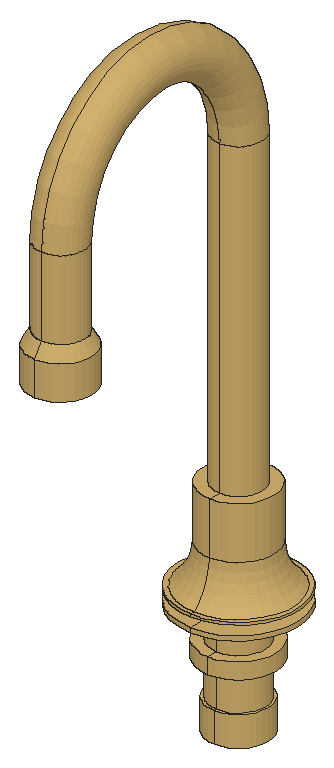
Revit family "QF_FISHER_1937", category Specialty Equipment, Revit 2015
Parameters
  Weight in Pounds = 3
  URL Cutsheet = ""
  Specification by User = ""
  Specification by Manufacturer = ""
  Serial Number = ""
  Seismic Rating = ""
  SMACNA No = ""
  Revision Code = ""
  Plumbing Remarks = ""
  Plumbing Connection Type = ""
  NAFEM Spec ID Number = ""
  Model = "1937"
  Masterspec = ""
  Manufacturer = "FISHER"
  Length = 12"
  Item Number = ""
  Installed By = ""
  Identify Quantity as Lot = yes
  Hot Water Temperature = 140 °F
  Hot Water Size = 1/2"
  Hot Water RI Height = 0"
  Hot Water Minimum Pressure = 0.00 psi
  Hot Water Maximum Pressure = 200.00 psi
  Hot Water Flow = 2.2 GPM
  Hot Water Consumption = 0 GPM
  Hot Water Connection Height = 0"
  Height = 8 1/16"
  Furnished By = ""
  Foodservice Equipment Identifier = yes
  Fixture Finish [instance] = QF_Metal - Brass - Polished
  Description = "FAUCET BD 06RGN"
  Depth = 1 7/8"
  Cold Water Temperature Recommended = 40 °F
  Cold Water Size = 1/2"
  Cold Water RI Height = 0"
  Cold Water Minimum Pressure = 0.00 psi
  Cold Water Maximum Pressure = 200.00 psi
  Cold Water Flow = 2.2 GPM
  Cold Water Consumption = ""
  Cold Water Connection Height = 0"
  CSI MasterFormat = ""
  C = 5 1/2"
  A = 8 3/16"
Reference planes (in)
  plane 1 "BACK": y = 0
  plane 2: z = 0
  plane 3 "LEFT": x = 0
  plane 4 "RIGHT": x = 12
  plane 5 "FRONT": y = -1.875
  plane 6 "TOP": z = 8.0625
  plane 7 "Center Y": x = 6
  plane 8 "Center X": y = -0.9375
  plane 9: y = -4.4375
  plane 10: z = 4.4375
Forms (in)
  Revolve 1, solid, material "QF_Metal - Brass - Polished" <- "Fixture Finish"
    sketch origin (6, 5.0625, 0) x (0, -1, 0) y (0, 0, 1)
      loop
        line (6, 0) -> (6, 1.5) -> (5.43487, 1.5) -> (5.43487, 0.67488)
        arc (5.43487, 0.67488) -> (5.35614, 0.32245) -> (5.13492, 0.03702) r 0.82821
        line (5.13492, 0.03702) -> (5.0625, 0.03702) -> (5.0625, 0) -> (6, 0)
      axis (6, 1.5) -> (6, 0)
    angle from 0 to 360
  Sweep 2, solid, material "QF_Metal - Brass - Polished" <- "Fixture Finish"
    path origin (6, 5.0625, -0.18923) x (0, -1, 0) y (0, 0, 1)
      loop
        line (6, 1.68923) -> (6, 6.62258)
        arc (6, 6.62258) -> (7.75, 8.37258) -> (9.5, 6.62258) r 1.75
        line (9.5, 6.62258) -> (9.5, 4.87673)
    profile origin (6, -0.9375, 3.96667) x (0, 1, 0) y (-1, 0, 0)
      loop
        circle (0, 0) r 0.375
  Revolve 3, solid, material "QF_Metal - Brass - Polished" <- "Fixture Finish"
    sketch origin (6, 5.0625, 0.75) x (0, -1, 0) y (0, 0, 1)
      loop
        line (9.5, 4.4375) -> (9.125, 4.4375) -> (9, 4.22099) -> (9, 3.6875) -> (9.5, 3.6875) -> (9.5, 4.4375)
      axis (9.5, 4.4375) -> (9.5, 3.6875)
    angle from 0 to 360
  Revolve 4, solid, material "QF_Metal - Brass - Polished" <- "Fixture Finish"
    sketch origin (6, 6.90541, 48) x (0, 1, 0) y (0, 0, 1)
      loop
        line (-7.84291, -48) -> (-7.84291, -50) -> (-7.36981, -50) -> (-7.36981, -49.52524) -> (-7.4131, -49.52524) -> (-7.4131, -48.96274) -> (-7.24572, -48.96274) -> (-7.24572, -48.71274) -> (-7.4131, -48.71274) -> (-7.4131, -48.27524) -> (-6.90541, -48.22188) -> (-6.90541, -48.15268) -> (-7.4131, -48.15268) -> (-7.4131, -48) -> (-7.84291, -48)
      axis (-7.84291, -50) -> (-7.84291, -48)
    angle from 0 to 360
Lines and regions (in)
  symbolic lines
    curve 1: arc (6.375, -1.33219, 0) -> (6, -0.39307, 0) -> (5.625, -1.33219, 0) r 0.54443
    curve 2: line (6.47149, -0.66529, 0) -> (6, -0.39307, 0)
    curve 3: line (6.47149, -1.20971, 0) -> (6.47149, -0.66529, 0)
    curve 4: line (6.47149, -1.20971, 0) -> (6.375, -1.26542, 0)
    curve 5: line (6, -0.39307, 0) -> (5.52851, -0.66529, 0)
    curve 6: line (5.52851, -0.66529, 0) -> (5.52851, -1.20971, 0)
    curve 7: line (5.52851, -1.20971, 0) -> (5.625, -1.26542, 0)
    curve 8: line (5.625, -0.9375, 0) -> (5.625, -4.43731, 0)
    curve 9: line (6.375, -0.9375, 0) -> (6.375, -4.43731, 0)
    curve 10: arc (5.625, -0.9375, 0) -> (6, -0.5625, 0) -> (6.375, -0.9375, 0) r 0.375
    curve 11: arc (6.375, -4.43731, 0) -> (6, -4.81231, 0) -> (5.625, -4.43731, 0) r 0.375
    curve 12: arc (6.375, -4.1057, 0) -> (6, -4.9375, 0) -> (5.625, -4.1057, 0) r 0.50043
    curve 13: arc (5.625, -1.79673, 0) -> (5.08228, -0.74596, 0) -> (6, 0, 0) r 0.9375
    curve 14: arc (6, 0, 0) -> (6.91772, -0.74596, 0) -> (6.375, -1.79673, 0) r 0.9375
    curve 15: arc (6.375, -1.71707, 0) -> (6.84343, -0.74519, 0) -> (6, -0.07242, 0) r 0.86508
    curve 16: arc (6, -0.07242, 0) -> (5.15657, -0.74519, 0) -> (5.625, -1.71707, 0) r 0.86508
Dimensions and locks (in)
  equal spacing: plane 3 "LEFT", plane 7 "Center Y", plane 4 "RIGHT"
  "Length": plane 3 "LEFT" to plane 4 "RIGHT"
  equal spacing: plane 5 "FRONT", plane 8 "Center X", plane 1 "BACK"
  "Depth": plane 5 "FRONT" to plane 1 "BACK"
  "Height": plane 6 "TOP" to level
  plane 8 "Center X" to plane 9 = 3 1/2"
  plane 6 "TOP" to plane 2 = 8 1/16"
  plane 10 to plane 2 = 4 7/16"
  plane 9 to plane 8 "Center X" = 3 1/2"
  aligned and locked: level to plane 2
Automatic sketch dimensions
  profile plane to Sweep 2 sketch curve = 0"
  Sweep 2 sketch curve to profile plane = 0"
  Revolve 3 sketch curve to plane 9 = 0"  (x2)
  Revolve 3 sketch curve to Revolve 3 sketch curve = 3/8"
  Revolve 3 sketch curve to Revolve 3 sketch curve = 1/2"
  Revolve 3 sketch curve to Revolve 3 sketch curve = 0.53349"
  Revolve 3 sketch curve to Revolve 3 sketch curve = 0.21651"
  Revolve 3 sketch curve to Revolve 3 sketch curve = 0"
  Revolve 3 sketch curve to plane 6 "TOP" = 3 5/8"
  Revolve 3 sketch curve to Revolve 3 sketch curve = 0.85803"
  curve 1 to curve 10 = 0"  (x2)
  curve 10 to plane 8 "Center X" = 0"
  curve 5 to plane 7 "Center Y" = 0"
  curve 12 to plane 7 "Center Y" = 0"
  curve 11 to plane 7 "Center Y" = 0"
  curve 2 to plane 7 "Center Y" = 0"
  curve 12 to plane 9 = 0.00043"
  curve 11 to curve 12 = 0.00025"
  curve 6 to curve 10 = 0.09649"
  curve 5 to curve 6 = 0"
  curve 9 to curve 3 = 0.09649"
  curve 2 to curve 3 = 0"
  curve 4 to curve 3 = 0"
  curve 7 to curve 6 = 0"
  curve 7 to curve 6 = 0.05571"
  curve 4 to curve 3 = 0.05571"
  curve 1 to curve 7 = 0.06676"
  curve 11 to curve 12 = 0.33162"
  Revolve 1 sketch curve to plane 1 "BACK" = 0"
  Revolve 1 sketch curve to level = 0"
  Revolve 1 sketch curve to plane 8 "Center X" = 0"  (x2)
  Revolve 1 sketch curve to plane 1 "BACK" = 0.45584"
  level to Revolve 1 sketch curve = 0.67488"
  Revolve 1 sketch curve to Revolve 1 sketch curve = 0.82512"
  level to Revolve 1 sketch curve = 0.03702"
  Revolve 1 sketch curve to Revolve 1 sketch curve = 0.07242"
  Revolve 1 sketch curve to Revolve 1 sketch curve = 0.30236"
  level to Revolve 1 sketch curve = 0.24553"
  curve 1 to curve 13 = 0"  (x2)
  curve 1 to curve 15 = 0"  (x2)
  curve 13 to curve 16 = 0.07966"
  curve 1 to curve 16 = 0"
  curve 1 to curve 14 = 0"
  curve 13 to plane 5 "FRONT" = 0.07827"
  plane 1 "BACK" to curve 13 = 0"
  Sweep 2 sketch curve to plane 8 "Center X" = 0"
  Sweep 2 sketch curve to plane 9 = 0"
  Sweep 2 sketch curve to plane 6 "TOP" = 1.62916"
  plane 10 to Sweep 2 sketch curve = 1/4"
  level to Sweep 2 sketch curve = 1 1/2"
  Revolve 4 sketch curve to level = 0"
  Revolve 4 sketch curve to plane 8 "Center X" = 0"  (x2)
  Revolve 4 sketch curve to plane 1 "BACK" = 0"
  plane 8 "Center X" to Revolve 4 sketch curve = 0.42981"  (x2)
  Revolve 4 sketch curve to Revolve 4 sketch curve = 0"
  Revolve 4 sketch curve to Revolve 4 sketch curve = 0.04329"
  Revolve 4 sketch curve to Revolve 4 sketch curve = 0.16738"
  Revolve 4 sketch curve to level = 0.15268"
  Revolve 4 sketch curve to Revolve 4 sketch curve = 0.0692"
  Revolve 4 sketch curve to Revolve 4 sketch curve = 0.12256"
  Revolve 4 sketch curve to Revolve 4 sketch curve = 7/16"
  Revolve 4 sketch curve to Revolve 4 sketch curve = 1/4"
  Revolve 4 sketch curve to Revolve 4 sketch curve = 9/16"
  Revolve 4 sketch curve to Revolve 4 sketch curve = 0.47476"
  Revolve 4 sketch curve to level = 1/4"
  level to Revolve 4 sketch curve = 0.54481"
  radius of Sweep 2 sketch curve = 3/8"
Connectors (in)
  piping at (6, -0.9375, -2), diameter 0.5, driven by "Cold Water Size"
    settings: on Revolve 4, index 1, connector inside diameter 24", connector length 0", flow factor 0, pipe flow 0 GPM, pressure drop 0.00 psi, fitting loss kfactor 0, connector angle 0.00°, fixture units 0, engagement length 0", angle of deflection 0.00°, flow configuration 1, flow direction 1, fitting loss method 0, system type 20, joint type 0, gender type 0, connector reference index -1, connector utility 0, adjustable connector no, is connector primary yes, connector description "COLD WATER CONNECTION"
